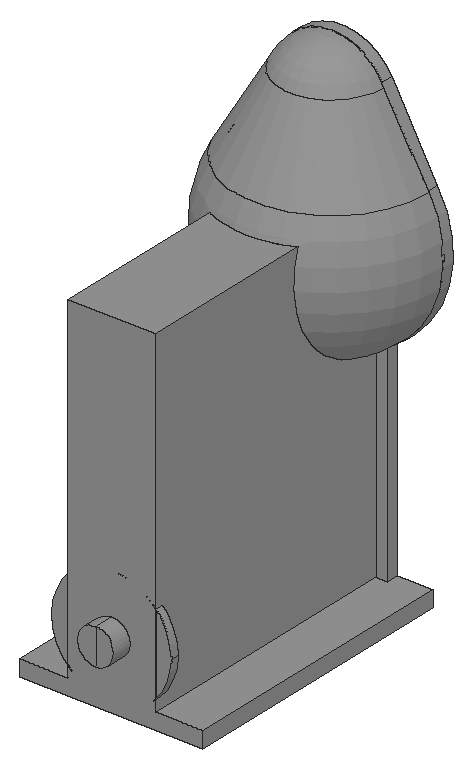
Revit family "Toilet-Willoughby-1490-HET-ETF-FM-TS-HC", category Plumbing Fixtures, host Face, Revit 2014
Parameters (values of type "Standard")
  Waste DIA = 2 1/4"
  Waste Connection = yes
  Vent Connection = no
  URL = "www.willoughby-ind.com"
  Type Comments = ""
  Revision = "A"
  Model = "ETF-1490-HET-FM-TS-HC"
  Manufacturer = "Willoughby Industries"
  HW Connection = no
  Flush Inlet DIA = 1 1/2"
  Flush Inlet Connection = yes
  Fixture Body = Stainless Steel AISI 304-Willoughby
  Description = "High Efficiency  HandicapToilet"
  Default Elevation = 0' - 0"
  Contact = "(800) 428-4065"
  CW Connection = no
Reference planes (in)
  plane 1 "Center (Front/Back)": y = 0
  plane 2: z = 0
  plane 3 "Center (Left/Right)": x = 0
  plane 4 "Seat": y = 18
  plane 5 "Top": y = 19
  plane 6: y = 17.25
  plane 7: z = 18.5
  plane 8: z = 14.933
  plane 9: x = 3.25
  plane 10: x = -3.25
  plane 11: z = 20.25
  plane 12: x = 7
  plane 13: z = 23.1875
  plane 14: z = 8
  plane 15: z = 10
  plane 16: y = 8.5
  plane 17: y = 19.75
  plane 18: x = 2.75
  plane 19: x = -2.75
  plane 20: z = 27.75
  plane 21: x = 5.75
  plane 22: x = -5.75
  plane 23: z = 1.125
  plane 24: z = -3
  plane 25: y = 22
  plane 26: z = 2.75
  plane 27: z = 30.75
  plane 28: z = 22.20827
  plane 29: z = 4.25
Forms (in)
  Extrusion 1, solid, material "Stainless Steel AISI 304-Willoughby" <- "Fixture Body"
    sketch origin (0, 0, 0) x (1, 0, 0) y (0, 1, 0)
      loop
        line (-5.75, 0) -> (5.75, 0) -> (5.75, 18) -> (-5.75, 18) -> (-5.75, 0)
    from 0 to 1
  Revolve 2, solid, material "Stainless Steel AISI 304-Willoughby" <- "Fixture Body"
    sketch origin (-60, 17.25, 60.14981) x (-1, 0, 0) y (0, 0, 1)
      loop
        line (-60, -46.89981) -> (-60, -46.39981)
        arc (-60, -46.39981) -> (-65.42136, -42.59037) -> (-65.23755, -35.96698) r 7
        line (-65.23755, -35.96698) -> (-62.80388, -31.72393) -> (-62.74416, -31.59711)
        arc (-62.74416, -31.59711) -> (-61.61332, -30.35842) -> (-60, -29.89981) r 3.067
        line (-60, -29.89981) -> (-60, -29.39981)
        arc (-60, -29.39981) -> (-61.93389, -29.96955) -> (-63.25, -31.49678) r 3.567
        line (-63.25, -31.49678) -> (-66.0721, -36.41706)
        arc (-66.0721, -36.41706) -> (-66.0572, -43.40842) -> (-60, -46.89981) r 7
      axis (-60, -29.39981) -> (-60, -46.89981)
    angle from 0 to 180
  Extrusion 3, solid, material "Stainless Steel AISI 304-Willoughby" <- "Fixture Body"
    sketch origin (0, 0, 12.20755) x (1, 0, 0) y (0, 0, 1)
      loop
        line (-3.5, 1.93865) -> (-3.5, -11.20755) -> (3.5, -11.20755) -> (3.5, 1.93865)
        arc (3.5, 1.93865) -> (6.77318, 6.23534) -> (6.01269, 11.58294) r 6.99928
        line (6.01269, 11.58294) -> (3.14932, 16.69649)
        arc (3.14932, 16.69649) -> (-0.10896, 18.5408) -> (-3.25, 16.50322) r 3.60945
        line (-3.25, 16.50322) -> (-6.10166, 11.42924)
        arc (-6.10166, 11.42924) -> (-6.75024, 6.14955) -> (-3.5, 1.93865) r 6.99928
      loop
        arc (-4.17861, 9.875) -> (0, 3.42) -> (4.17861, 9.875) r 4.58
        line (4.17861, 9.875) -> (1.45817, 16.45616)
        arc (1.45817, 16.45616) -> (-0.05754, 17.35793) -> (-1.5058, 16.35139) r 1.629
        line (-1.5058, 16.35139) -> (-4.17861, 9.875)
    from -18 to -17.25
  Extrusion 4, solid, material "Stainless Steel AISI 304-Willoughby" <- "Fixture Body"
    sketch origin (0, 0, 12.20827) x (0, 1, 0) y (0, 0, 1)
      loop
        line (0, 10) -> (0, -12.20827) -> (17.25, -12.20827) -> (17.25, 1.50333)
        arc (17.25, 1.50333) -> (12.13093, 4.2568) -> (11.23533, 10) r 6.52933
        line (11.23533, 10) -> (0, 10)
    from 2.75 to -2.75
  Revolve 5, solid, material "Stainless Steel AISI 304-Willoughby" <- "Fixture Body"
    sketch origin (0, 0, 0) x (0, 1, 0) y (0, 0, 1)
      loop
        line (19, 2.75) -> (16, 2.75) -> (16, 2) -> (19, 2) -> (19, 2.75)
      axis (19, 2.75) -> (16, 2.75)
    angle from 0 to 360
  Revolve 6, solid, material "Stainless Steel AISI 304-Willoughby" <- "Fixture Body"
    sketch origin (0, 0, 0) x (0, 1, 0) y (0, 0, 1)
      loop
        line (-1.25, 4.25) -> (1.75, 4.25) -> (1.75, 5.375) -> (-1.25, 5.375) -> (-1.25, 4.25)
      axis (1.75, 4.25) -> (-1.25, 4.25)
    angle from 0 to 360
  Extrusion 7, solid, material "Stainless Steel AISI 304-Willoughby" <- "Fixture Body"
    sketch origin (0, 0, 0) x (1, 0, 0) y (0, 0, 1)
      loop
        circle (0, 4.25) r 3.75
    from 0 to -0.5
Cuts and joins
  joined: Extrusion 1, Revolve 2, Extrusion 4
Lines and regions (in)
  symbolic lines
    curve 1: line (5.75, 0, 0) -> (-5.75, 0, 0)
    curve 2: line (-7, 17.25, 0) -> (-7, 18, 0)
    curve 3: line (-7, 18, 0) -> (6.99928, 18, 0)
    curve 4: line (6.99928, 18, 0) -> (6.99928, 17.25, 0)
    curve 5: arc (6.99928, 17.25, 0) -> (5.84117, 13.39339, 0) -> (2.75, 10.8128, 0) r 7.00046
    curve 6: arc (2.75, 11.1179, 0) -> (0, 10.5295, 0) -> (-2.75, 11.1179, 0) r 6.7205
    curve 7: arc (-2.75, 10.8128, 0) -> (-5.84166, 13.39319, 0) -> (-7, 17.25, 0) r 7
    curve 8: line (-2.75, 10.8128, 0) -> (-2.75, 0, 0)
    curve 9: line (-2.75, 0.5, 0) -> (-3.75, 0.5, 0)
    curve 10: line (-3.75, 0.5, 0) -> (-3.75, 0, 0)
    curve 11: line (2.75, 11.1179, 0) -> (2.75, 0, 0)
    curve 12: line (3.75, 0, 0) -> (3.75, 0.5, 0)
    curve 13: line (3.75, 0.5, 0) -> (2.75, 0.5, 0)
    curve 14: line (5.75, 0, 0) -> (5.75, 13.25871, 0)
    curve 15: line (-3.5, 0, 1) -> (-5.75, 0, 1)
    curve 16: line (-5.75, 0, 1) -> (-5.75, 0, 0)
    curve 17: line (-5.75, 0, 0) -> (5.75, 0, 0)
    curve 18: line (5.75, 0, 0) -> (5.75, 0, 1)
    curve 19: line (5.75, 0, 1) -> (3.5, 0, 1)
    curve 20: line (3.5, 0, 1) -> (3.5, 0, 14.1462)
    curve 21: line (-3.5, 0, 1) -> (-3.5, 0, 14.1462)
    curve 24: arc (3.5, 0, 14.1462) -> (6.77861, 0, 18.44148) -> (6.01269, 0, 23.7905) r 6.98608
    curve 25: line (6.01269, 0, 23.7905) -> (3.14932, 0, 28.90404)
    curve 26: arc (3.14932, 0, 28.90404) -> (0, 0, 30.75) -> (-3.14932, 0, 28.90404) r 3.60945
    curve 27: line (-3.14932, 0, 28.90404) -> (-6.09392, 0, 23.69444)
    curve 28: arc (-6.09392, 0, 23.69444) -> (-6.7586, 0, 18.38741) -> (-3.5, 0, 14.1462) r 7.03639
    curve 33: line (0, 0, 0) -> (0, 18, 0)
    curve 34: line (0, 18, 0) -> (0, 18, 30.75)
    curve 35: line (0, 18, 30.75) -> (0, 17.25, 30.75)
    curve 36: arc (0, 17.25, 30.75) -> (0, 15.625, 30.35987) -> (0, 14.35423, 29.27453) r 3.57937
    curve 37: line (0, 14.35423, 29.27453) -> (0, 11.74916, 24.71645)
    curve 38: arc (0, 11.74916, 24.71645) -> (0, 11.04165, 23.50986) -> (0, 10.5295, 22.20827) r 9.00632
    curve 39: line (0, 11.1179, 22.20827) -> (0, 0, 22.20827)
    curve 40: line (0, 0, 22.20827) -> (0, 0, 0)
    curve 41: line (0, 0, 1) -> (0, 18, 1)
    curve 42: line (0, 17.25, 1) -> (0, 17.25, 14.1462)
    curve 43: line (0, 17.25, 14.1462) -> (0, 18, 14.1462)
    curve 44: arc (0, 17.25, 13.75) -> (0, 14.48958, 14.42341) -> (0, 12.25945, 16.18405) r 6.67404
    curve 45: arc (0, 12.25945, 16.18405) -> (0, 11.23998, 17.93501) -> (0, 10.82598, 19.91837) r 6.32979
    curve 46: arc (0, 10.82598, 19.91837) -> (0, 10.87332, 21.0759) -> (0, 11.1179, 22.20827) r 6.74991
    curve 47: line (-5.75, 0, 0) -> (-5.75, 13.25782, 0)
    curve 48: line (-2.75, 10.8128, 0) -> (-2.75, 11.1179, 0)
  symbolic lines, detail levels fine
    curve 22: arc (-3.5, 0, 2.90371) -> (-3.75, 0, 4.25) -> (-3.5, 0, 5.59629) r 3.75
    curve 23: arc (3.5, 0, 2.90371) -> (3.75, 0, 4.25) -> (3.5, 0, 5.59629) r 3.75
    curve 29: arc (-4.1372, 0, 22.17225) -> (-0.0494, 0, 15.62782) -> (4.17861, 0, 22.08255) r 4.58
    curve 30: line (4.17861, 0, 22.08255) -> (1.45817, 0, 28.66371)
    curve 31: arc (1.45817, 0, 28.66371) -> (0, 0, 29.5665) -> (-1.45817, 0, 28.66371) r 1.629
    curve 32: line (-1.45817, 0, 28.66371) -> (-4.1372, 0, 22.17225)
Dimensions and locks (in)
  equal spacing: plane 9, plane 3 "Center (Left/Right)", plane 10
  plane 9 to plane 10 = 0' - 6 1/2"
  host face to plane 11 = 1' - 8 1/4"
  plane 7 to level = 1' - 6 1/2"
  plane 5 "Top" to plane 1 "Center (Front/Back)" = 1' - 7"
  plane 4 "Seat" to plane 1 "Center (Front/Back)" = 1' - 6"
  plane 16 to plane 1 "Center (Front/Back)" = 0' - 8 1/2"
  plane 1 "Center (Front/Back)" to plane 16 = 0' - 8 1/2"
  plane 19 to plane 18 = 0' - 5 1/2"
  plane 6 to plane 1 "Center (Front/Back)" = 1' - 5 1/4"
  level to plane 27 = 2' - 6 3/4"
  plane 22 to plane 21 = 0' - 11 1/2"
  plane 1 "Center (Front/Back)" to plane 4 "Seat" = 1' - 6"
  plane 22 to plane 3 "Center (Left/Right)" = 0' - 5 3/4"
  plane 25 to plane 1 "Center (Front/Back)" = 1' - 10"
  plane 20 to level = 2' - 3 3/4"
  level to plane 26 = 0' - 2 3/4"
  plane 21 to plane 3 "Center (Left/Right)" = 0' - 5 3/4"
  plane 3 "Center (Left/Right)" to plane 22 = 0' - 5 3/4"
  plane 26 to level = 0' - 2 3/4"
  level to plane 29 = 0' - 4 1/4"
  aligned and locked: plane 2 to host face
  aligned and locked: level to host face
  aligned and locked: plane 21 to Extrusion 1
  aligned and locked: Extrusion 1 to plane 22
  aligned and locked: plane 18 to Extrusion 4
  aligned and locked: Extrusion 4 to plane 19
  aligned and locked: Revolve 5 sketch curve to Revolve 5 sketch curve  (x2)
  aligned and locked: Extrusion 3 to cut or joined group of Extrusion 1, Revolve 2, Extrusion 4
  aligned and locked: Revolve 6 sketch curve to Revolve 6 sketch curve  (x2)
Automatic sketch dimensions
  host sketch curve to host sketch curve = 3' - 6.09429"
  host sketch curve to host sketch curve = 4' - 3.69331"
  Extrusion 1 sketch curve to plane 5 "Top" = 0' - 1"
  Extrusion 3 sketch curve to Extrusion 3 sketch curve = 0' - 0"  (x4)
  Extrusion 3 sketch curve to plane 10 = 0' - 0"
  Extrusion 3 sketch curve to plane 3 "Center (Left/Right)" = 0' - 0"  (x3)
  plane 14 to Extrusion 3 sketch curve = 1' - 0.20755"
  plane 8 to Extrusion 3 sketch curve = 1' - 0.20755"
  Extrusion 3 sketch curve to plane 10 = 0' - 0 1/4"
  Extrusion 3 sketch curve to plane 10 = 0' - 0.92861"
  Extrusion 3 sketch curve to plane 3 "Center (Left/Right)" = 0' - 1.5058"
  plane 3 "Center (Left/Right)" to Extrusion 3 sketch curve = 0' - 1.45817"
  Extrusion 3 sketch curve to plane 9 = 0' - 0.10068"
  plane 9 to Extrusion 3 sketch curve = 0' - 0 1/4"
  plane 9 to Extrusion 3 sketch curve = 0' - 0.92861"
  level to Extrusion 3 sketch curve = 1' - 2.1462"  (x2)
  plane 14 to Extrusion 3 sketch curve = 1' - 2.08255"
  Extrusion 3 sketch curve to Extrusion 3 sketch curve = 0' - 0.79695"
  plane 8 to Extrusion 3 sketch curve = 1' - 1.62595"
  plane 8 to Extrusion 3 sketch curve = 1' - 1.77778"
  Extrusion 3 sketch curve to Extrusion 3 sketch curve = 1' - 1.1462"
  plane 15 to Extrusion 4 sketch curve = 1' - 0.20827"
  Extrusion 4 sketch curve to plane 6 = 0' - 0"
  plane 6 to Extrusion 4 sketch curve = 0' - 0.21015"
  plane 14 to Extrusion 4 sketch curve = 1' - 0.23755"
  level to Extrusion 4 sketch curve = 0' - 0"
  Extrusion 4 sketch curve to plane 6 = 0' - 6.01467"
  Revolve 2 sketch curve to Revolve 2 sketch curve = 0' - 0"  (x3)
  Revolve 2 sketch curve to plane 9 = 0' - 0"
  Revolve 2 sketch curve to plane 3 "Center (Left/Right)" = 0' - 0"  (x3)
  Revolve 2 sketch curve to plane 11 = 0' - 0"
  Revolve 2 sketch curve to plane 9 = 0' - 0.44612"
  Revolve 2 sketch curve to Revolve 2 sketch curve = 0' - 0.05972"
  plane 11 to Revolve 2 sketch curve = 0' - 0.45007"
  Revolve 2 sketch curve to plane 3 "Center (Left/Right)" = 0' - 0.83455"
  level to Revolve 2 sketch curve = 1' - 1 3/4"
  Revolve 2 sketch curve to Revolve 2 sketch curve = 0' - 0 1/2"
  plane 8 to Revolve 2 sketch curve = 1' - 0 1/4"
  plane 8 to Revolve 2 sketch curve = 1' - 1.49288"
  Revolve 2 sketch curve to Revolve 2 sketch curve = 0' - 0.12681"
  Revolve 2 sketch curve to Revolve 2 sketch curve = 0' - 0.22715"
  Extrusion 1 sketch curve to plane 10 = 0' - 2 1/2"
  plane 7 to Extrusion 3 sketch curve = 0' - 5.13679"
  plane 9 to Extrusion 1 sketch curve = 0' - 2 1/2"
  plane 7 to Revolve 2 sketch curve = 0' - 5.68282"
  plane 7 to Revolve 2 sketch curve = 0' - 5.23275"
  plane 7 to Extrusion 3 sketch curve = 0' - 5.2905"
  plane 1 "Center (Front/Back)" to Extrusion 1 sketch curve = 0' - 0"
  Extrusion 4 sketch curve to plane 1 "Center (Front/Back)" = 0' - 0"
  Revolve 5 sketch curve to plane 26 = 0' - 0"  (x2)
  Revolve 5 sketch curve to plane 5 "Top" = 0' - 0"
  Revolve 5 sketch curve to plane 6 = 0' - 1 1/4"
  Revolve 5 sketch curve to Revolve 5 sketch curve = 0' - 0 3/4"
  Revolve 5 sketch curve to Revolve 5 sketch curve = 0' - 0"
  Revolve 6 sketch curve to plane 29 = 0' - 0"
  plane 1 "Center (Front/Back)" to Revolve 6 sketch curve = 0' - 1 1/4"
  Revolve 6 sketch curve to plane 1 "Center (Front/Back)" = 0' - 1 3/4"
  Revolve 6 sketch curve to Revolve 6 sketch curve = 0' - 1 1/8"
  Revolve 6 sketch curve to Revolve 6 sketch curve = 0' - 0"
  Extrusion 7 sketch curve to plane 3 "Center (Left/Right)" = 0' - 0"
  Extrusion 7 sketch curve to plane 29 = 0' - 0"
  curve 22 to curve 23 = 0' - 0"  (x2)
  curve 16 to level = 0' - 0"
  curve 16 to plane 22 = 0' - 0"
  curve 29 to plane 3 "Center (Left/Right)" = 0' - 0"
  curve 22 to plane 3 "Center (Left/Right)" = 0' - 0"
  curve 31 to plane 3 "Center (Left/Right)" = 0' - 0"
  curve 26 to plane 3 "Center (Left/Right)" = 0' - 0"
  curve 18 to plane 21 = 0' - 0"
  curve 22 to plane 29 = 0' - 0"
  curve 27 to plane 22 = 0' - 0.34392"
  curve 15 to plane 10 = 0' - 0 1/4"
  plane 10 to curve 27 = 0' - 0.10068"
  plane 3 "Center (Left/Right)" to curve 24 = 0' - 0.01822"
  plane 3 "Center (Left/Right)" to curve 28 = 0' - 0.03168"
  curve 30 to plane 18 = 0' - 1.29183"
  curve 25 to plane 9 = 0' - 0.10068"
  plane 9 to curve 20 = 0' - 0 1/4"
  curve 30 to plane 28 = 0' - 0.12572"
  plane 9 to curve 30 = 0' - 0.92861"
  plane 21 to curve 25 = 0' - 0.26269"
  curve 16 to plane 23 = 0' - 0 1/8"
  curve 18 to plane 23 = 0' - 0 1/8"
  curve 21 to plane 8 = 0' - 0.7868"
  curve 20 to plane 8 = 0' - 0.7868"
  plane 7 to curve 24 = 0' - 1.70281"
  curve 24 to curve 29 = 0' - 0.00475"
  curve 24 to curve 28 = 0' - 0.02928"
  curve 26 to plane 20 = 0' - 0.60945"
  plane 20 to curve 31 = 0' - 0 3/16"
  plane 20 to curve 30 = 0' - 0.91371"
  plane 20 to curve 25 = 0' - 1.15404"
  curve 32 to plane 28 = 0' - 0.03603"
  plane 20 to curve 31 = 0' - 0.91371"
  plane 26 to curve 23 = 0' - 0.15371"
  plane 26 to curve 22 = 0' - 0.15371"
  curve 33 to level = 0' - 0"
  curve 33 to plane 1 "Center (Front/Back)" = 0' - 0"
  curve 38 to plane 28 = 0' - 0"
  curve 36 to plane 6 = 0' - 0"
  curve 42 to plane 6 = 0' - 0"
  curve 34 to plane 4 "Seat" = 0' - 0"
  curve 35 to plane 27 = 0' - 0"
  curve 37 to plane 27 = 0' - 1.47547"
  curve 37 to curve 35 = 0' - 2.89577"
  curve 45 to plane 6 = 0' - 0.10065"
  plane 6 to curve 44 = 0' - 0.16529"
  curve 44 to curve 46 = 0' - 0.15375"
  plane 5 "Top" to curve 38 = 0' - 0.14112"
  curve 42 to plane 8 = 0' - 0.7868"
  plane 7 to curve 38 = 0' - 1.07127"
  curve 45 to curve 46 = 0' - 0.01892"
  curve 46 to curve 44 = 0' - 0.19968"
  plane 28 to curve 37 = 0' - 2.50818"
  curve 38 to curve 45 = 0' - 0.29648"
  curve 46 to curve 45 = 0' - 0"
  curve 38 to curve 39 = 0' - 0.5884"
  plane 8 to curve 44 = 0' - 1.25105"
  curve 45 to curve 44 = 0' - 0"
  curve 42 to plane 23 = 0' - 0 1/8"
  curve 6 to curve 7 = 0' - 0"  (x2)
  curve 3 to plane 4 "Seat" = 0' - 0"
  curve 2 to plane 6 = 0' - 0"
  plane 1 "Center (Front/Back)" to curve 47 = 0' - 0"
  curve 47 to plane 22 = 0' - 0"
  curve 9 to plane 19 = 0' - 0"
  curve 5 to plane 6 = 0' - 0"
  curve 6 to plane 3 "Center (Left/Right)" = 0' - 0"
  curve 13 to plane 18 = 0' - 0"
  curve 14 to plane 21 = 0' - 0"
  curve 2 to plane 22 = 0' - 1 1/4"
  curve 9 to plane 10 = 0' - 0 1/2"
  curve 5 to plane 3 "Center (Left/Right)" = 0' - 0.00118"
  plane 9 to curve 12 = 0' - 0 1/2"
  plane 21 to curve 4 = 0' - 1.24928"
  curve 13 to plane 1 "Center (Front/Back)" = 0' - 0 1/2"
  curve 9 to plane 1 "Center (Front/Back)" = 0' - 0 1/2"
  curve 5 to curve 11 = 0' - 0.30509"
  radius of Extrusion 7 sketch curve = 0' - 3 3/4"
Connectors (in)
  piping at (0, 19, 2.75), diameter 1.5, driven by "Flush Inlet Connection", driven by "Flush Inlet DIA"
    settings: on Revolve 5, index 2, connector inside diameter 24", connector length 0' - 0", flow factor 0, pipe flow 0 GPM, pressure drop 0.00 psi, fitting loss kfactor 0, connector angle 0.00°, fixture units 0, engagement length 0' - 0", angle of deflection 0.00°, flow configuration 0, flow direction 1, fitting loss method 0, system type 20, joint type 0, gender type 0, connector reference index -1, connector utility 1, adjustable connector no, is connector primary yes, connector description "Flush Inlet"
  piping at (0, -1.25, 4.25), diameter 2.25, driven by "Waste Connection", driven by "Waste DIA"
    settings: on Revolve 6, index 3, connector inside diameter 24", connector length 0' - 0", flow factor 0, pipe flow 0 GPM, pressure drop 0.00 psi, fitting loss kfactor 0, connector angle 0.00°, fixture units 0, engagement length 0' - 0", angle of deflection 0.00°, flow configuration 0, flow direction 2, fitting loss method 0, system type 16, joint type 0, gender type 0, connector reference index -1, connector utility 1, adjustable connector no, is connector primary no, connector description "Toilet Waste"
